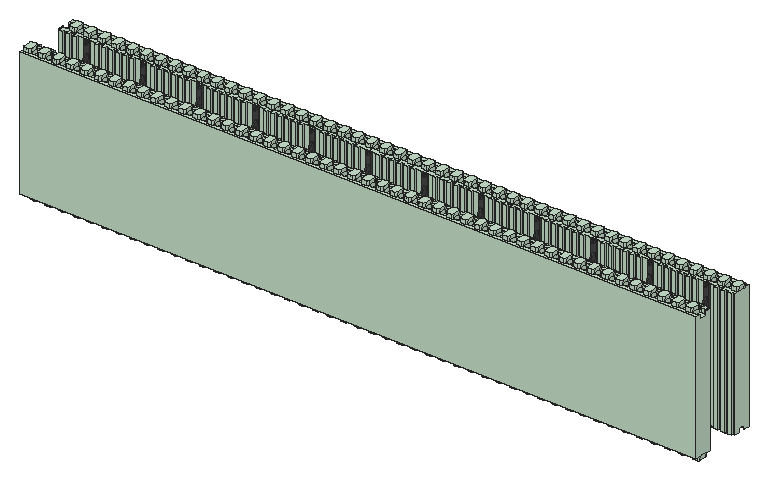
Revit family (continued)
Nested families (in)
  nested 168: "Interlock Tooth" at (14, -1, -18.5), type "Interlock Tooth"
  nested 169: "Interlock Tooth" at (16, -1, -18.5), type "Interlock Tooth"
  nested 170: "Interlock Tooth" at (18, -1, -18.5), type "Interlock Tooth"
  nested 171: "Interlock Tooth" at (20, -1, -18.5), type "Interlock Tooth"
  nested 172: "Interlock Tooth" at (22, -1, -18.5), type "Interlock Tooth"
  nested 173: "Interlock Tooth" at (24, -1, -18.5), type "Interlock Tooth"
  nested 174: "Interlock Tooth" at (26, -1, -18.5), type "Interlock Tooth"
  nested 175: "Interlock Tooth" at (28, -1, -18.5), type "Interlock Tooth"
  nested 176: "Interlock Tooth" at (30, -1, -18.5), type "Interlock Tooth"
  nested 177: "Interlock Tooth" at (32, -1, -18.5), type "Interlock Tooth"
  nested 178: "Interlock Tooth" at (34, -1, -18.5), type "Interlock Tooth"
  nested 179: "Interlock Tooth" at (36, -1, -18.5), type "Interlock Tooth"
  nested 180: "Interlock Tooth" at (38, -1, -18.5), type "Interlock Tooth"
  nested 181: "Interlock Tooth" at (40, -1, -18.5), type "Interlock Tooth"
  nested 182: "Interlock Tooth" at (42, -1, -18.5), type "Interlock Tooth"
  nested 183: "Interlock Tooth" at (44, -1, -18.5), type "Interlock Tooth"
  nested 184: "Interlock Tooth" at (46, -1, -18.5), type "Interlock Tooth"
  nested 185: "Interlock Tooth" at (48, -1, -18.5), type "Interlock Tooth"
  nested 186: "Interlock Tooth" at (50, -1, -18.5), type "Interlock Tooth"
  nested 187: "Interlock Tooth" at (52, -1, -18.5), type "Interlock Tooth"
  nested 188: "Interlock Tooth" at (54, -1, -18.5), type "Interlock Tooth"
  nested 189: "Interlock Tooth" at (56, -1, -18.5), type "Interlock Tooth"
  nested 190: "Interlock Tooth" at (58, -1, -18.5), type "Interlock Tooth"
  nested 191: "Interlock Tooth" at (60, -1, -18.5), type "Interlock Tooth"
  nested 192: "Interlock Tooth" at (62, -1, -18.5), type "Interlock Tooth"
  nested 193: "Interlock Tooth" at (64, -1, -18.5), type "Interlock Tooth"
  nested 194: "Interlock Tooth" at (66, -1, -18.5), type "Interlock Tooth"
  nested 195: "Interlock Tooth" at (68, -1, -18.5), type "Interlock Tooth"
  nested 196: "Interlock Tooth" at (70, -1, -18.5), type "Interlock Tooth"
  nested 197: "Interlock Tooth" at (72, -1, -18.5), type "Interlock Tooth"
  nested 198: "Interlock Tooth" at (74, -1, -18.5), type "Interlock Tooth"
  nested 199: "Interlock Tooth" at (76, -1, -18.5), type "Interlock Tooth"
  nested 200: "Interlock Tooth" at (78, -1, -18.5), type "Interlock Tooth"
  nested 201: "Interlock Tooth" at (80, -1, -18.5), type "Interlock Tooth"
  nested 202: "Interlock Tooth" at (82, -1, -18.5), type "Interlock Tooth"
  nested 203: "Interlock Tooth" at (84, -1, -18.5), type "Interlock Tooth"
  nested 204: "Interlock Tooth" at (86, -1, -18.5), type "Interlock Tooth"
  nested 205: "Interlock Tooth" at (88, -1, -18.5), type "Interlock Tooth"
  nested 206: "Interlock Tooth" at (90, -1, -18.5), type "Interlock Tooth"
  nested 207: "Interlock Tooth" at (92, -1, -18.5), type "Interlock Tooth"
  nested 208: "Interlock Tooth" at (94, -1, -18.5), type "Interlock Tooth"
  nested 209: "NUDURA Logo Diamond" at (0, -4.625, 0), type "NUDURA Logo Diamond"
  nested 210: "NUDURA Logo Diamond" at (24, -4.625, 0), type "NUDURA Logo Diamond"
  nested 211: "NUDURA Logo Diamond" at (48, -4.625, 0), type "NUDURA Logo Diamond"
  nested 212: "NUDURA Logo Diamond" at (72, -4.625, 0), type "NUDURA Logo Diamond"
  nested 213: "NUDURA Logo Diamond" at (95.99744, 4.625, 0) x (-1, 0, 0) z (0, 0, 1), type "NUDURA Logo Diamond"
  nested 214: "NUDURA Logo Diamond" at (71.99744, 4.625, 0) x (-1, 0, 0) z (0, 0, 1), type "NUDURA Logo Diamond"
  nested 215: "NUDURA Logo Diamond" at (47.99744, 4.625, 0) x (-1, 0, 0) z (0, 0, 1), type "NUDURA Logo Diamond"
  nested 216: "NUDURA Logo Diamond" at (23.99744, 4.625, 0) x (-1, 0, 0) z (0, 0, 1), type "NUDURA Logo Diamond"
  nested 217: "4-inch Web" at (4, 0, 0), type "4-inch Web"
  nested 218: "4-inch Web" at (12, 0, 0), type "4-inch Web"
  nested 219: "4-inch Web" at (20, 0, 0), type "4-inch Web"
  nested 220: "4-inch Web" at (28, 0, 0), type "4-inch Web"
  nested 221: "4-inch Web" at (36, 0, 0), type "4-inch Web"
  nested 222: "4-inch Web" at (44, 0, 0), type "4-inch Web"
  nested 223: "4-inch Web" at (52, 0, 0), type "4-inch Web"
  nested 224: "4-inch Web" at (60, 0, 0), type "4-inch Web"
  nested 225: "4-inch Web" at (68, 0, 0), type "4-inch Web"
  nested 226: "4-inch Web" at (76, 0, 0), type "4-inch Web"
  nested 227: "4-inch Web" at (84, 0, 0), type "4-inch Web"
  nested 228: "4-inch Web" at (92, 0, 0), type "4-inch Web"
Definition of nested family "Interlock Tooth"
  Reference planes (in)
    plane 1 "Center (Front/Back)": y = 0
    plane 2: z = 0
    plane 3 "Center (Left/Right)": x = 0
    plane 4: z = 18
    plane 5: z = 18.5
    plane 6: z = -0.5
  Forms (in)
    Extrusion 1, solid, material "NUDURA Expanded Polystyrene Foam Insulation"
      sketch origin (0, -8.875, 0) x (1, 0, 0) y (0, 1, 0)
        loop
          arc (0, 3.97692) -> (0.04785, 3.82983) -> (0.17308, 3.73905) r 0.25
          arc (0.17308, 3.73905) -> (0.5, 3.6875) -> (0.82692, 3.73905) r 1.0625
          arc (0.82692, 3.73905) -> (0.95215, 3.82983) -> (1, 3.97692) r 0.25
          line (1, 3.97692) -> (1, 4.89808)
          arc (1, 4.89808) -> (0.95215, 5.04517) -> (0.82692, 5.13595) r 0.25
          arc (0.82692, 5.13595) -> (0.5, 5.1875) -> (0.17308, 5.13595) r 1.0625
          arc (0.17308, 5.13595) -> (0.04785, 5.04517) -> (0, 4.89808) r 0.25
          line (0, 4.89808) -> (0, 3.97692)
      from 18 to 18.5
  Dimensions and locks (in)
    locked: plane 4 to level at 18
    locked: plane 4 to plane 5 at 0.5
    locked: plane 6 to level at 0.5
Definition of nested family "4-inch Web"
  Reference planes (in)
    plane 1 "Center (Front/Back)": y = 0
    plane 2: z = 0
    plane 3 "Center (Left/Right)": x = 0
  Forms (in)
    Extrusion 1, solid, material "Polypropylene"
      sketch origin (0, -2, -0.5) x (0, 1, 0) y (0, 0, 1)
        loop
          arc (4.185, 0.98503) -> (4.17874, 0.9705) -> (4.16389, 0.96506) r 0.02
          line (4.16389, 0.96506) -> (4.00611, 0.97383)
          arc (4.00611, 0.97383) -> (3.99126, 0.96839) -> (3.985, 0.95386) r 0.02
          line (3.985, 0.95386) -> (3.985, 0.88265)
          arc (3.985, 0.88265) -> (3.98914, 0.86744) -> (4.00043, 0.85643) r 0.03
          line (4.00043, 0.85643) -> (4.16957, 0.76246)
          arc (4.16957, 0.76246) -> (4.18086, 0.75145) -> (4.185, 0.73624) r 0.03
          line (4.185, 0.73624) -> (4.185, 0.98503)
        loop
          line (-0.185, 0.98503) -> (-0.185, 0.73624)
          arc (-0.185, 0.73624) -> (-0.18086, 0.75145) -> (-0.16957, 0.76246) r 0.03
          line (-0.16957, 0.76246) -> (-0.00043, 0.85643)
          arc (-0.00043, 0.85643) -> (0.01086, 0.86744) -> (0.015, 0.88265) r 0.03
          line (0.015, 0.88265) -> (0.015, 0.95386)
          arc (0.015, 0.95386) -> (0.00874, 0.96839) -> (-0.00611, 0.97383) r 0.02
          line (-0.00611, 0.97383) -> (-0.16389, 0.96506)
          arc (-0.16389, 0.96506) -> (-0.17874, 0.9705) -> (-0.185, 0.98503) r 0.02
        loop
          line (3.995, 15.39617) -> (3.995, 15.89614) -> (3.89, 15.89614) -> (3.89, 15.96617) -> (4.15332, 15.96617)
          arc (4.15332, 15.96617) -> (4.16974, 15.96398) -> (4.185, 15.95755) r 0.0625
          line (4.185, 15.95755) -> (4.185, 16.73277)
          arc (4.185, 16.73277) -> (4.07682, 16.48647) -> (3.85666, 16.33188) r 0.5
          arc (3.85666, 16.33188) -> (3.73587, 16.24051) -> (3.69, 16.09617) r 0.25
          line (3.69, 16.09617) -> (3.69, 16.02867)
          arc (3.69, 16.02867) -> (3.7083, 15.98448) -> (3.7525, 15.96617) r 0.0625
          line (3.7525, 15.96617) -> (3.8, 15.96617) -> (3.8, 15.89614) -> (3.69446, 15.89614)
          arc (3.69446, 15.89614) -> (3.49353, 15.90523) -> (3.29847, 15.95435) r 1
          arc (3.29847, 15.95435) -> (3.20889, 15.93583) -> (3.18179, 15.84845) r 0.09
          arc (3.18179, 15.84845) -> (2.74446, 15.50749) -> (2.77171, 16.06136) r 0.305
          arc (2.77171, 16.06136) -> (2.89426, 16.34734) -> (2.60829, 16.46988) r 0.22
          arc (2.60829, 16.46988) -> (2.36995, 16.31647) -> (2.20617, 16.08513) r 0.745
          arc (2.20617, 16.08513) -> (2.12274, 15.98757) -> (2, 15.94992) r 0.23
          arc (2, 15.94992) -> (1.87726, 15.98757) -> (1.79383, 16.08513) r 0.23
          arc (1.79383, 16.08513) -> (1.63005, 16.31647) -> (1.39171, 16.46988) r 0.745
          arc (1.39171, 16.46988) -> (1.10574, 16.34734) -> (1.22829, 16.06136) r 0.22
          arc (1.22829, 16.06136) -> (1.25554, 15.50749) -> (0.81821, 15.84845) r 0.305
          arc (0.81821, 15.84845) -> (0.79111, 15.93583) -> (0.70153, 15.95435) r 0.09
          arc (0.70153, 15.95435) -> (0.50647, 15.90523) -> (0.30554, 15.89614) r 1
          line (0.30554, 15.89614) -> (0.2, 15.89614) -> (0.2, 15.96617) -> (0.2475, 15.96617)
          arc (0.2475, 15.96617) -> (0.2917, 15.98448) -> (0.31, 16.02867) r 0.0625
          line (0.31, 16.02867) -> (0.31, 16.09617)
          arc (0.31, 16.09617) -> (0.26413, 16.24051) -> (0.14334, 16.33188) r 0.25
          arc (0.14334, 16.33188) -> (-0.07682, 16.48647) -> (-0.185, 16.73277) r 0.5
          line (-0.185, 16.73277) -> (-0.185, 15.95755)
          arc (-0.185, 15.95755) -> (-0.16974, 15.96398) -> (-0.15332, 15.96617) r 0.0625
          line (-0.15332, 15.96617) -> (0.11, 15.96617) -> (0.11, 15.89614) -> (0.005, 15.89614) -> (0.005, 15.39617) -> (0.11, 15.39617) -> (0.11, 15.32617) -> (-0.1225, 15.32617)
          arc (-0.1225, 15.32617) -> (-0.16669, 15.34448) -> (-0.185, 15.38867) r 0.0625
          line (-0.185, 15.38867) -> (-0.185, 14.60367)
          arc (-0.185, 14.60367) -> (-0.16669, 14.64787) -> (-0.1225, 14.66617) r 0.0625
          line (-0.1225, 14.66617) -> (0.11, 14.66617) -> (0.11, 14.59617) -> (0.005, 14.59617) -> (0.005, 14.09617) -> (0.11, 14.09617) -> (0.11, 14.02617) -> (-0.1225, 14.02617)
          arc (-0.1225, 14.02617) -> (-0.16669, 14.04448) -> (-0.185, 14.08867) r 0.0625
          line (-0.185, 14.08867) -> (-0.185, 13.30367)
          arc (-0.185, 13.30367) -> (-0.16669, 13.34787) -> (-0.1225, 13.36617) r 0.0625
          line (-0.1225, 13.36617) -> (0.11, 13.36617) -> (0.11, 13.29617) -> (0.005, 13.29617) -> (0.005, 12.7962) -> (0.11, 12.7962) -> (0.11, 12.72617) -> (-0.1225, 12.72617)
          arc (-0.1225, 12.72617) -> (-0.16669, 12.74448) -> (-0.185, 12.78867) r 0.0625
          line (-0.185, 12.78867) -> (-0.185, 12.18907) -> (-0.09, 12.18907)
          arc (-0.09, 12.18907) -> (0.01399, 12.29203) -> (0.14334, 12.36047) r 0.5
          arc (0.14334, 12.36047) -> (0.26413, 12.45184) -> (0.31, 12.59617) r 0.25
          line (0.31, 12.59617) -> (0.31, 12.66367)
          arc (0.31, 12.66367) -> (0.2917, 12.70787) -> (0.2475, 12.72617) r 0.0625
          line (0.2475, 12.72617) -> (0.2, 12.72617) -> (0.2, 12.7962) -> (0.30554, 12.7962)
          arc (0.30554, 12.7962) -> (0.50647, 12.78711) -> (0.70153, 12.73799) r 1
          arc (0.70153, 12.73799) -> (0.79111, 12.75651) -> (0.81821, 12.84389) r 0.09
          arc (0.81821, 12.84389) -> (1.25554, 13.18486) -> (1.22829, 12.63098) r 0.305
          arc (1.22829, 12.63098) -> (1.10574, 12.34501) -> (1.39171, 12.22246) r 0.22
          arc (1.39171, 12.22246) -> (1.63005, 12.37588) -> (1.79383, 12.60721) r 0.745
          arc (1.79383, 12.60721) -> (1.87726, 12.70478) -> (2, 12.74242) r 0.23
          arc (2, 12.74242) -> (2.12274, 12.70478) -> (2.20617, 12.60721) r 0.23
          arc (2.20617, 12.60721) -> (2.36995, 12.37588) -> (2.60829, 12.22246) r 0.745
          arc (2.60829, 12.22246) -> (2.89426, 12.34501) -> (2.77171, 12.63098) r 0.22
          arc (2.77171, 12.63098) -> (2.74446, 13.18486) -> (3.18179, 12.84389) r 0.305
          arc (3.18179, 12.84389) -> (3.20889, 12.75651) -> (3.29847, 12.73799) r 0.09
          arc (3.29847, 12.73799) -> (3.49353, 12.78711) -> (3.69446, 12.7962) r 1
          line (3.69446, 12.7962) -> (3.8, 12.7962) -> (3.8, 12.72617) -> (3.7525, 12.72617)
          arc (3.7525, 12.72617) -> (3.7083, 12.70787) -> (3.69, 12.66367) r 0.0625
          line (3.69, 12.66367) -> (3.69, 12.59617)
          arc (3.69, 12.59617) -> (3.73587, 12.45184) -> (3.85666, 12.36047) r 0.25
          arc (3.85666, 12.36047) -> (3.98601, 12.29203) -> (4.09, 12.18907) r 0.5
          line (4.09, 12.18907) -> (4.185, 12.18907) -> (4.185, 12.78867)
          arc (4.185, 12.78867) -> (4.16669, 12.74448) -> (4.1225, 12.72617) r 0.0625
          line (4.1225, 12.72617) -> (3.89, 12.72617) -> (3.89, 12.7962) -> (3.995, 12.7962) -> (3.995, 13.29617) -> (3.89, 13.29617) -> (3.89, 13.36617) -> (4.1225, 13.36617)
          arc (4.1225, 13.36617) -> (4.16669, 13.34787) -> (4.185, 13.30367) r 0.0625
          line (4.185, 13.30367) -> (4.185, 14.08867)
          arc (4.185, 14.08867) -> (4.16669, 14.04448) -> (4.1225, 14.02617) r 0.0625
          line (4.1225, 14.02617) -> (3.89, 14.02617) -> (3.89, 14.09617) -> (3.995, 14.09617) -> (3.995, 14.59617) -> (3.89, 14.59617) -> (3.89, 14.66617) -> (4.1225, 14.66617)
          arc (4.1225, 14.66617) -> (4.16669, 14.64787) -> (4.185, 14.60367) r 0.0625
          line (4.185, 14.60367) -> (4.185, 15.38867)
          arc (4.185, 15.38867) -> (4.16669, 15.34448) -> (4.1225, 15.32617) r 0.0625
          line (4.1225, 15.32617) -> (3.89, 15.32617) -> (3.89, 15.39617) -> (3.995, 15.39617)
        loop
          line (3.695, 14.59617) -> (3.8, 14.59617) -> (3.8, 14.66617) -> (3.7525, 14.66617)
          arc (3.7525, 14.66617) -> (3.7083, 14.68448) -> (3.69, 14.72867) r 0.0625
          line (3.69, 14.72867) -> (3.69, 15.26367)
          arc (3.69, 15.26367) -> (3.7083, 15.30787) -> (3.7525, 15.32617) r 0.0625
          line (3.7525, 15.32617) -> (3.8, 15.32617) -> (3.8, 15.39617) -> (3.695, 15.39617)
          arc (3.695, 15.39617) -> (3.23819, 15.2911) -> (2.8018, 15.12004) r 3.1806
          line (2.8018, 15.12004) -> (2.30584, 14.87186)
          arc (2.30584, 14.87186) -> (2.18493, 14.61329) -> (2.40877, 14.43617) r 0.23
          line (2.40877, 14.43617) -> (2.98527, 14.43617)
          arc (2.98527, 14.43617) -> (3.29477, 14.47236) -> (3.59139, 14.56784) r 1.6
          arc (3.59139, 14.56784) -> (3.64143, 14.58847) -> (3.695, 14.59617) r 0.21872
        loop
          line (3.695, 13.29617) -> (3.8, 13.29617) -> (3.8, 13.36617) -> (3.7525, 13.36617)
          arc (3.7525, 13.36617) -> (3.7083, 13.38448) -> (3.69, 13.42867) r 0.0625
          line (3.69, 13.42867) -> (3.69, 13.96367)
          arc (3.69, 13.96367) -> (3.7083, 14.00787) -> (3.7525, 14.02617) r 0.0625
          line (3.7525, 14.02617) -> (3.8, 14.02617) -> (3.8, 14.09617) -> (3.695, 14.09617)
          arc (3.695, 14.09617) -> (3.64143, 14.10388) -> (3.59139, 14.1245) r 0.21872
          arc (3.59139, 14.1245) -> (3.29477, 14.21999) -> (2.98527, 14.25617) r 1.6
          line (2.98527, 14.25617) -> (2.40877, 14.25617)
          arc (2.40877, 14.25617) -> (2.18493, 14.07905) -> (2.30584, 13.82049) r 0.23
          line (2.30584, 13.82049) -> (2.8018, 13.57231)
          arc (2.8018, 13.57231) -> (3.23819, 13.40124) -> (3.695, 13.29617) r 3.1806
        loop
          line (4.185, 18.01497) -> (4.185, 18.26376)
          arc (4.185, 18.26376) -> (4.18086, 18.24855) -> (4.16957, 18.23754) r 0.03
          line (4.16957, 18.23754) -> (4.00043, 18.14357)
          arc (4.00043, 18.14357) -> (3.98914, 18.13256) -> (3.985, 18.11735) r 0.03
          line (3.985, 18.11735) -> (3.985, 18.04614)
          arc (3.985, 18.04614) -> (3.99126, 18.03161) -> (4.00611, 18.02617) r 0.02
          line (4.00611, 18.02617) -> (4.16389, 18.03494)
          arc (4.16389, 18.03494) -> (4.17874, 18.0295) -> (4.185, 18.01497) r 0.02
        loop
          arc (-0.185, 18.01497) -> (-0.17874, 18.0295) -> (-0.16389, 18.03494) r 0.02
          line (-0.16389, 18.03494) -> (-0.00611, 18.02617)
          arc (-0.00611, 18.02617) -> (0.00874, 18.03161) -> (0.015, 18.04614) r 0.02
          line (0.015, 18.04614) -> (0.015, 18.11735)
          arc (0.015, 18.11735) -> (0.01086, 18.13256) -> (-0.00043, 18.14357) r 0.03
          line (-0.00043, 18.14357) -> (-0.16957, 18.23754)
          arc (-0.16957, 18.23754) -> (-0.18086, 18.24855) -> (-0.185, 18.26376) r 0.03
          line (-0.185, 18.26376) -> (-0.185, 18.01497)
        loop
          arc (0.305, 14.59617) -> (0.35857, 14.58847) -> (0.40861, 14.56784) r 0.21872
          arc (0.40861, 14.56784) -> (0.70523, 14.47236) -> (1.01473, 14.43617) r 1.6
          line (1.01473, 14.43617) -> (1.59123, 14.43617)
          arc (1.59123, 14.43617) -> (1.81507, 14.61329) -> (1.69416, 14.87186) r 0.23
          line (1.69416, 14.87186) -> (1.1982, 15.12004)
          arc (1.1982, 15.12004) -> (0.76181, 15.2911) -> (0.305, 15.39617) r 3.1806
          line (0.305, 15.39617) -> (0.2, 15.39617) -> (0.2, 15.32617) -> (0.2475, 15.32617)
          arc (0.2475, 15.32617) -> (0.2917, 15.30787) -> (0.31, 15.26367) r 0.0625
          line (0.31, 15.26367) -> (0.31, 14.72867)
          arc (0.31, 14.72867) -> (0.2917, 14.68448) -> (0.2475, 14.66617) r 0.0625
          line (0.2475, 14.66617) -> (0.2, 14.66617) -> (0.2, 14.59617) -> (0.305, 14.59617)
        loop
          arc (0.305, 13.29617) -> (0.76181, 13.40124) -> (1.1982, 13.57231) r 3.1806
          line (1.1982, 13.57231) -> (1.69416, 13.82049)
          arc (1.69416, 13.82049) -> (1.81507, 14.07905) -> (1.59123, 14.25617) r 0.23
          line (1.59123, 14.25617) -> (1.01473, 14.25617)
          arc (1.01473, 14.25617) -> (0.70523, 14.21999) -> (0.40861, 14.1245) r 1.6
          arc (0.40861, 14.1245) -> (0.35857, 14.10388) -> (0.305, 14.09617) r 0.21872
          line (0.305, 14.09617) -> (0.2, 14.09617) -> (0.2, 14.02617) -> (0.2475, 14.02617)
          arc (0.2475, 14.02617) -> (0.2917, 14.00787) -> (0.31, 13.96367) r 0.0625
          line (0.31, 13.96367) -> (0.31, 13.42867)
          arc (0.31, 13.42867) -> (0.2917, 13.38448) -> (0.2475, 13.36617) r 0.0625
          line (0.2475, 13.36617) -> (0.2, 13.36617) -> (0.2, 13.29617) -> (0.305, 13.29617)
        loop
          line (3.995, 3.60383) -> (3.89, 3.60383) -> (3.89, 3.67383) -> (4.1225, 3.67383)
          arc (4.1225, 3.67383) -> (4.16669, 3.65552) -> (4.185, 3.61133) r 0.0625
          line (4.185, 3.61133) -> (4.185, 4.39633)
          arc (4.185, 4.39633) -> (4.16669, 4.35213) -> (4.1225, 4.33383) r 0.0625
          line (4.1225, 4.33383) -> (3.89, 4.33383) -> (3.89, 4.40383) -> (3.995, 4.40383) -> (3.995, 4.90383) -> (3.89, 4.90383) -> (3.89, 4.97383) -> (4.1225, 4.97383)
          arc (4.1225, 4.97383) -> (4.16669, 4.95552) -> (4.185, 4.91133) r 0.0625
          line (4.185, 4.91133) -> (4.185, 5.69633)
          arc (4.185, 5.69633) -> (4.16669, 5.65213) -> (4.1225, 5.63383) r 0.0625
          line (4.1225, 5.63383) -> (3.89, 5.63383) -> (3.89, 5.70383) -> (3.995, 5.70383) -> (3.995, 6.2038) -> (3.89, 6.2038) -> (3.89, 6.27383) -> (4.1225, 6.27383)
          arc (4.1225, 6.27383) -> (4.16669, 6.25552) -> (4.185, 6.21133) r 0.0625
          line (4.185, 6.21133) -> (4.185, 6.81093) -> (4.09, 6.81093)
          arc (4.09, 6.81093) -> (3.98601, 6.70797) -> (3.85666, 6.63953) r 0.5
          arc (3.85666, 6.63953) -> (3.73587, 6.54816) -> (3.69, 6.40383) r 0.25
          line (3.69, 6.40383) -> (3.69, 6.33633)
          arc (3.69, 6.33633) -> (3.7083, 6.29213) -> (3.7525, 6.27383) r 0.0625
          line (3.7525, 6.27383) -> (3.8, 6.27383) -> (3.8, 6.2038) -> (3.69446, 6.2038)
          arc (3.69446, 6.2038) -> (3.49353, 6.21289) -> (3.29847, 6.26201) r 1
          arc (3.29847, 6.26201) -> (3.20889, 6.24349) -> (3.18179, 6.15611) r 0.09
          arc (3.18179, 6.15611) -> (2.74446, 5.81514) -> (2.77171, 6.36902) r 0.305
          arc (2.77171, 6.36902) -> (2.89426, 6.65499) -> (2.60829, 6.77754) r 0.22
          arc (2.60829, 6.77754) -> (2.36995, 6.62412) -> (2.20617, 6.39279) r 0.745
          arc (2.20617, 6.39279) -> (2.12274, 6.29522) -> (2, 6.25758) r 0.23
          arc (2, 6.25758) -> (1.87726, 6.29522) -> (1.79383, 6.39279) r 0.23
          arc (1.79383, 6.39279) -> (1.63005, 6.62412) -> (1.39171, 6.77754) r 0.745
          arc (1.39171, 6.77754) -> (1.10574, 6.65499) -> (1.22829, 6.36902) r 0.22
          arc (1.22829, 6.36902) -> (1.25554, 5.81514) -> (0.81821, 6.15611) r 0.305
          arc (0.81821, 6.15611) -> (0.79111, 6.24349) -> (0.70153, 6.26201) r 0.09
          arc (0.70153, 6.26201) -> (0.50647, 6.21289) -> (0.30554, 6.2038) r 1
          line (0.30554, 6.2038) -> (0.2, 6.2038) -> (0.2, 6.27383) -> (0.2475, 6.27383)
          arc (0.2475, 6.27383) -> (0.2917, 6.29213) -> (0.31, 6.33633) r 0.0625
          line (0.31, 6.33633) -> (0.31, 6.40383)
          arc (0.31, 6.40383) -> (0.26413, 6.54816) -> (0.14334, 6.63953) r 0.25
          arc (0.14334, 6.63953) -> (0.01399, 6.70797) -> (-0.09, 6.81093) r 0.5
          line (-0.09, 6.81093) -> (-0.185, 6.81093) -> (-0.185, 6.21133)
          arc (-0.185, 6.21133) -> (-0.16669, 6.25552) -> (-0.1225, 6.27383) r 0.0625
          line (-0.1225, 6.27383) -> (0.11, 6.27383) -> (0.11, 6.2038) -> (0.005, 6.2038) -> (0.005, 5.70383) -> (0.11, 5.70383) -> (0.11, 5.63383) -> (-0.1225, 5.63383)
          arc (-0.1225, 5.63383) -> (-0.16669, 5.65213) -> (-0.185, 5.69633) r 0.0625
          line (-0.185, 5.69633) -> (-0.185, 4.91133)
          arc (-0.185, 4.91133) -> (-0.16669, 4.95552) -> (-0.1225, 4.97383) r 0.0625
          line (-0.1225, 4.97383) -> (0.11, 4.97383) -> (0.11, 4.90383) -> (0.005, 4.90383) -> (0.005, 4.40383) -> (0.11, 4.40383) -> (0.11, 4.33383) -> (-0.1225, 4.33383)
          arc (-0.1225, 4.33383) -> (-0.16669, 4.35213) -> (-0.185, 4.39633) r 0.0625
          line (-0.185, 4.39633) -> (-0.185, 3.61133)
          arc (-0.185, 3.61133) -> (-0.16669, 3.65552) -> (-0.1225, 3.67383) r 0.0625
          line (-0.1225, 3.67383) -> (0.11, 3.67383) -> (0.11, 3.60383) -> (0.005, 3.60383) -> (0.005, 3.10386) -> (0.11, 3.10386) -> (0.11, 3.03383) -> (-0.15332, 3.03383)
          arc (-0.15332, 3.03383) -> (-0.16974, 3.03602) -> (-0.185, 3.04245) r 0.0625
          line (-0.185, 3.04245) -> (-0.185, 2.26723)
          arc (-0.185, 2.26723) -> (-0.07682, 2.51353) -> (0.14334, 2.66812) r 0.5
          arc (0.14334, 2.66812) -> (0.26413, 2.75949) -> (0.31, 2.90383) r 0.25
          line (0.31, 2.90383) -> (0.31, 2.97133)
          arc (0.31, 2.97133) -> (0.2917, 3.01552) -> (0.2475, 3.03383) r 0.0625
          line (0.2475, 3.03383) -> (0.2, 3.03383) -> (0.2, 3.10386) -> (0.30554, 3.10386)
          arc (0.30554, 3.10386) -> (0.50647, 3.09477) -> (0.70153, 3.04565) r 1
          arc (0.70153, 3.04565) -> (0.79111, 3.06417) -> (0.81821, 3.15155) r 0.09
          arc (0.81821, 3.15155) -> (1.25554, 3.49251) -> (1.22829, 2.93864) r 0.305
          arc (1.22829, 2.93864) -> (1.10574, 2.65266) -> (1.39171, 2.53012) r 0.22
          arc (1.39171, 2.53012) -> (1.63005, 2.68353) -> (1.79383, 2.91487) r 0.745
          arc (1.79383, 2.91487) -> (1.87726, 3.01243) -> (2, 3.05008) r 0.23
          arc (2, 3.05008) -> (2.12274, 3.01243) -> (2.20617, 2.91487) r 0.23
          arc (2.20617, 2.91487) -> (2.36995, 2.68353) -> (2.60829, 2.53012) r 0.745
          arc (2.60829, 2.53012) -> (2.89426, 2.65266) -> (2.77171, 2.93864) r 0.22
          arc (2.77171, 2.93864) -> (2.74446, 3.49251) -> (3.18179, 3.15155) r 0.305
          arc (3.18179, 3.15155) -> (3.20889, 3.06417) -> (3.29847, 3.04565) r 0.09
          arc (3.29847, 3.04565) -> (3.49353, 3.09477) -> (3.69446, 3.10386) r 1
          line (3.69446, 3.10386) -> (3.8, 3.10386) -> (3.8, 3.03383) -> (3.7525, 3.03383)
          arc (3.7525, 3.03383) -> (3.7083, 3.01552) -> (3.69, 2.97133) r 0.0625
          line (3.69, 2.97133) -> (3.69, 2.90383)
          arc (3.69, 2.90383) -> (3.73587, 2.75949) -> (3.85666, 2.66812) r 0.25
          arc (3.85666, 2.66812) -> (4.07682, 2.51353) -> (4.185, 2.26723) r 0.5
          line (4.185, 2.26723) -> (4.185, 3.04245)
          arc (4.185, 3.04245) -> (4.16974, 3.03602) -> (4.15332, 3.03383) r 0.0625
          line (4.15332, 3.03383) -> (3.89, 3.03383) -> (3.89, 3.10386) -> (3.995, 3.10386) -> (3.995, 3.60383)
        loop
          arc (3.695, 4.40383) -> (3.64143, 4.41153) -> (3.59139, 4.43216) r 0.21872
          arc (3.59139, 4.43216) -> (3.29477, 4.52764) -> (2.98527, 4.56383) r 1.6
          line (2.98527, 4.56383) -> (2.40877, 4.56383)
          arc (2.40877, 4.56383) -> (2.18493, 4.38671) -> (2.30584, 4.12814) r 0.23
          line (2.30584, 4.12814) -> (2.8018, 3.87996)
          arc (2.8018, 3.87996) -> (3.23819, 3.7089) -> (3.695, 3.60383) r 3.1806
          line (3.695, 3.60383) -> (3.8, 3.60383) -> (3.8, 3.67383) -> (3.7525, 3.67383)
          arc (3.7525, 3.67383) -> (3.7083, 3.69213) -> (3.69, 3.73633) r 0.0625
          line (3.69, 3.73633) -> (3.69, 4.27133)
          arc (3.69, 4.27133) -> (3.7083, 4.31552) -> (3.7525, 4.33383) r 0.0625
          line (3.7525, 4.33383) -> (3.8, 4.33383) -> (3.8, 4.40383) -> (3.695, 4.40383)
        loop
          arc (3.695, 5.70383) -> (3.23819, 5.59876) -> (2.8018, 5.42769) r 3.1806
          line (2.8018, 5.42769) -> (2.30584, 5.17951)
          arc (2.30584, 5.17951) -> (2.18493, 4.92095) -> (2.40877, 4.74383) r 0.23
          line (2.40877, 4.74383) -> (2.98527, 4.74383)
          arc (2.98527, 4.74383) -> (3.29477, 4.78001) -> (3.59139, 4.8755) r 1.6
          arc (3.59139, 4.8755) -> (3.64143, 4.89612) -> (3.695, 4.90383) r 0.21872
          line (3.695, 4.90383) -> (3.8, 4.90383) -> (3.8, 4.97383) -> (3.7525, 4.97383)
          arc (3.7525, 4.97383) -> (3.7083, 4.99213) -> (3.69, 5.03633) r 0.0625
          line (3.69, 5.03633) -> (3.69, 5.57133)
          arc (3.69, 5.57133) -> (3.7083, 5.61552) -> (3.7525, 5.63383) r 0.0625
          line (3.7525, 5.63383) -> (3.8, 5.63383) -> (3.8, 5.70383) -> (3.695, 5.70383)
        loop
          line (0.305, 4.40383) -> (0.2, 4.40383) -> (0.2, 4.33383) -> (0.2475, 4.33383)
          arc (0.2475, 4.33383) -> (0.2917, 4.31552) -> (0.31, 4.27133) r 0.0625
          line (0.31, 4.27133) -> (0.31, 3.73633)
          arc (0.31, 3.73633) -> (0.2917, 3.69213) -> (0.2475, 3.67383) r 0.0625
          line (0.2475, 3.67383) -> (0.2, 3.67383) -> (0.2, 3.60383) -> (0.305, 3.60383)
          arc (0.305, 3.60383) -> (0.76181, 3.7089) -> (1.1982, 3.87996) r 3.1806
          line (1.1982, 3.87996) -> (1.69416, 4.12814)
          arc (1.69416, 4.12814) -> (1.81507, 4.38671) -> (1.59123, 4.56383) r 0.23
          line (1.59123, 4.56383) -> (1.01473, 4.56383)
          arc (1.01473, 4.56383) -> (0.70523, 4.52764) -> (0.40861, 4.43216) r 1.6
          arc (0.40861, 4.43216) -> (0.35857, 4.41153) -> (0.305, 4.40383) r 0.21872
        loop
          line (0.305, 5.70383) -> (0.2, 5.70383) -> (0.2, 5.63383) -> (0.2475, 5.63383)
          arc (0.2475, 5.63383) -> (0.2917, 5.61552) -> (0.31, 5.57133) r 0.0625
          line (0.31, 5.57133) -> (0.31, 5.03633)
          arc (0.31, 5.03633) -> (0.2917, 4.99213) -> (0.2475, 4.97383) r 0.0625
          line (0.2475, 4.97383) -> (0.2, 4.97383) -> (0.2, 4.90383) -> (0.305, 4.90383)
          arc (0.305, 4.90383) -> (0.35857, 4.89612) -> (0.40861, 4.8755) r 0.21872
          arc (0.40861, 4.8755) -> (0.70523, 4.78001) -> (1.01473, 4.74383) r 1.6
          line (1.01473, 4.74383) -> (1.59123, 4.74383)
          arc (1.59123, 4.74383) -> (1.81507, 4.92095) -> (1.69416, 5.17951) r 0.23
          line (1.69416, 5.17951) -> (1.1982, 5.42769)
          arc (1.1982, 5.42769) -> (0.76181, 5.59876) -> (0.305, 5.70383) r 3.1806
      from -0.125 to 0.125
    Extrusion 2, solid, material "Polypropylene"
      sketch origin (0, 0, 0) x (0, 1, 0) y (0, 0, 1)
        loop
          line (2.185, 17.8125) -> (2.185, 0.1875)
          arc (2.185, 0.1875) -> (2.2042, 0.14243) -> (2.25, 0.12505) r 0.0625
          arc (2.25, 0.12505) -> (2.2958, 0.14243) -> (2.315, 0.1875) r 0.0625
          line (2.315, 0.1875) -> (2.315, 17.8125)
          arc (2.315, 17.8125) -> (2.2958, 17.85757) -> (2.25, 17.87495) r 0.0625
          arc (2.25, 17.87495) -> (2.2042, 17.85757) -> (2.185, 17.8125) r 0.0625
        loop
          arc (-2.185, 17.8125) -> (-2.2042, 17.85757) -> (-2.25, 17.87495) r 0.0625
          arc (-2.25, 17.87495) -> (-2.2958, 17.85757) -> (-2.315, 17.8125) r 0.0625
          line (-2.315, 17.8125) -> (-2.315, 0.1875)
          arc (-2.315, 0.1875) -> (-2.2958, 0.14243) -> (-2.25, 0.12505) r 0.0625
          arc (-2.25, 0.12505) -> (-2.2042, 0.14243) -> (-2.185, 0.1875) r 0.0625
          line (-2.185, 0.1875) -> (-2.185, 17.8125)
      from -0.36328 to 0.36328
Definition of nested family "NUDURA Diamond Pattern"
  Reference planes (in)
    plane 1 "Center (Front/Back)": y = 0
    plane 2: z = 0
    plane 3 "Center (Left/Right)": x = 0
    plane 4: z = 18
  Lines and regions (in)
    model lines
      curve 1: line (8, -5.625, 18) -> (8, -5.625, 0)
      curve 2: line (6, -5.625, 18) -> (6, -5.625, 0)
      curve 3: line (2, -5.625, 18) -> (2, -5.625, 0)
      curve 4: line (3.35367, -5.625, 16.98484) -> (3.69709, -5.625, 16.64142)
      curve 5: arc (3.35367, -5.625, 17.51517) -> (3.24384, -5.625, 17.25) -> (3.35367, -5.625, 16.98484) r 0.375
      curve 6: line (3.72867, -5.625, 17.89017) -> (3.35367, -5.625, 17.51517)
      curve 7: arc (4.259, -5.625, 17.89017) -> (3.99384, -5.625, 18) -> (3.72867, -5.625, 17.89017) r 0.375
      curve 8: line (4.634, -5.625, 17.51517) -> (4.259, -5.625, 17.89017)
      curve 9: arc (4.634, -5.625, 16.98484) -> (4.74384, -5.625, 17.25) -> (4.634, -5.625, 17.51517) r 0.375
      curve 10: line (4.29059, -5.625, 16.64142) -> (4.634, -5.625, 16.98484)
      curve 11: arc (4.17062, -5.625, 17.80178) -> (3.99384, -5.625, 17.875) -> (3.81706, -5.625, 17.80178) r 0.25
      curve 12: line (4.54562, -5.625, 17.42678) -> (4.17062, -5.625, 17.80178)
      curve 13: arc (4.54562, -5.625, 17.07322) -> (4.61884, -5.625, 17.25) -> (4.54562, -5.625, 17.42678) r 0.25
      curve 14: line (4.17062, -5.625, 16.69822) -> (4.54562, -5.625, 17.07322)
      curve 15: arc (3.81706, -5.625, 16.69822) -> (3.99384, -5.625, 16.625) -> (4.17062, -5.625, 16.69822) r 0.25
      curve 16: line (3.44206, -5.625, 17.07322) -> (3.81706, -5.625, 16.69822)
      curve 17: arc (3.44206, -5.625, 17.42678) -> (3.36884, -5.625, 17.25) -> (3.44206, -5.625, 17.07322) r 0.25
      curve 18: line (3.81706, -5.625, 17.80178) -> (3.44206, -5.625, 17.42678)
      curve 19: arc (3.69709, -5.625, 16.35858) -> (3.75567, -5.625, 16.5) -> (3.69709, -5.625, 16.64142) r 0.2
      curve 20: line (4.634, -5.625, 16.01517) -> (4.29059, -5.625, 16.35858)
      curve 21: arc (4.634, -5.625, 15.48484) -> (4.74384, -5.625, 15.75) -> (4.634, -5.625, 16.01517) r 0.375
      curve 22: line (4.29059, -5.625, 15.14142) -> (4.634, -5.625, 15.48484)
      curve 23: line (3.35367, -5.625, 15.48484) -> (3.69709, -5.625, 15.14142)
      curve 24: arc (3.35367, -5.625, 16.01517) -> (3.24384, -5.625, 15.75) -> (3.35367, -5.625, 15.48484) r 0.375
      curve 25: line (3.69709, -5.625, 16.35858) -> (3.35367, -5.625, 16.01517)
      curve 26: arc (4.17062, -5.625, 16.30178) -> (3.99384, -5.625, 16.375) -> (3.81706, -5.625, 16.30178) r 0.25
      curve 27: line (3.81706, -5.625, 16.30178) -> (3.44206, -5.625, 15.92678)
      curve 28: arc (3.44206, -5.625, 15.92678) -> (3.36884, -5.625, 15.75) -> (3.44206, -5.625, 15.57322) r 0.25
      curve 29: line (3.44206, -5.625, 15.57322) -> (3.81706, -5.625, 15.19822)
      curve 30: arc (3.81706, -5.625, 15.19822) -> (3.99384, -5.625, 15.125) -> (4.17062, -5.625, 15.19822) r 0.25
      curve 31: line (4.17062, -5.625, 15.19822) -> (4.54562, -5.625, 15.57322)
      curve 32: arc (4.54562, -5.625, 15.57322) -> (4.61884, -5.625, 15.75) -> (4.54562, -5.625, 15.92678) r 0.25
      curve 33: line (4.54562, -5.625, 15.92678) -> (4.17062, -5.625, 16.30178)
      curve 34: arc (3.69709, -5.625, 14.85858) -> (3.75567, -5.625, 15) -> (3.69709, -5.625, 15.14142) r 0.2
      curve 35: line (4.634, -5.625, 14.51517) -> (4.29059, -5.625, 14.85858)
      curve 36: arc (4.634, -5.625, 13.98484) -> (4.74384, -5.625, 14.25) -> (4.634, -5.625, 14.51517) r 0.375
      curve 37: line (4.29059, -5.625, 13.64142) -> (4.634, -5.625, 13.98484)
      curve 38: line (3.35367, -5.625, 13.98484) -> (3.69709, -5.625, 13.64142)
      curve 39: arc (3.35367, -5.625, 14.51517) -> (3.24384, -5.625, 14.25) -> (3.35367, -5.625, 13.98484) r 0.375
      curve 40: line (3.69709, -5.625, 14.85858) -> (3.35367, -5.625, 14.51517)
      curve 41: arc (4.17062, -5.625, 14.80178) -> (3.99384, -5.625, 14.875) -> (3.81706, -5.625, 14.80178) r 0.25
      curve 42: line (3.81706, -5.625, 14.80178) -> (3.44206, -5.625, 14.42678)
      curve 43: arc (3.44206, -5.625, 14.42678) -> (3.36884, -5.625, 14.25) -> (3.44206, -5.625, 14.07322) r 0.25
      curve 44: line (3.44206, -5.625, 14.07322) -> (3.81706, -5.625, 13.69822)
      curve 45: arc (3.81706, -5.625, 13.69822) -> (3.99384, -5.625, 13.625) -> (4.17062, -5.625, 13.69822) r 0.25
      curve 46: line (4.17062, -5.625, 13.69822) -> (4.54562, -5.625, 14.07322)
      curve 47: arc (4.54562, -5.625, 14.07322) -> (4.61884, -5.625, 14.25) -> (4.54562, -5.625, 14.42678) r 0.25
      curve 48: line (4.54562, -5.625, 14.42678) -> (4.17062, -5.625, 14.80178)
      curve 49: arc (3.69709, -5.625, 13.35858) -> (3.75567, -5.625, 13.5) -> (3.69709, -5.625, 13.64142) r 0.2
      curve 50: line (4.634, -5.625, 13.01517) -> (4.29059, -5.625, 13.35858)
      curve 51: arc (4.634, -5.625, 12.48484) -> (4.74384, -5.625, 12.75) -> (4.634, -5.625, 13.01517) r 0.375
      curve 52: line (4.29059, -5.625, 12.14142) -> (4.634, -5.625, 12.48484)
      curve 53: line (3.35367, -5.625, 12.48484) -> (3.69709, -5.625, 12.14142)
      curve 54: arc (3.35367, -5.625, 13.01517) -> (3.24384, -5.625, 12.75) -> (3.35367, -5.625, 12.48484) r 0.375
      curve 55: line (3.69709, -5.625, 13.35858) -> (3.35367, -5.625, 13.01517)
      curve 56: arc (4.17062, -5.625, 13.30178) -> (3.99384, -5.625, 13.375) -> (3.81706, -5.625, 13.30178) r 0.25
      curve 57: line (3.81706, -5.625, 13.30178) -> (3.44206, -5.625, 12.92678)
      curve 58: arc (3.44206, -5.625, 12.92678) -> (3.36884, -5.625, 12.75) -> (3.44206, -5.625, 12.57322) r 0.25
      curve 59: line (3.44206, -5.625, 12.57322) -> (3.81706, -5.625, 12.19822)
      curve 60: arc (3.81706, -5.625, 12.19822) -> (3.99384, -5.625, 12.125) -> (4.17062, -5.625, 12.19822) r 0.25
      curve 61: line (4.17062, -5.625, 12.19822) -> (4.54562, -5.625, 12.57322)
      curve 62: arc (4.54562, -5.625, 12.57322) -> (4.61884, -5.625, 12.75) -> (4.54562, -5.625, 12.92678) r 0.25
      curve 63: line (4.54562, -5.625, 12.92678) -> (4.17062, -5.625, 13.30178)
      curve 64: arc (3.69709, -5.625, 11.85858) -> (3.75567, -5.625, 12) -> (3.69709, -5.625, 12.14142) r 0.2
      curve 65: line (4.634, -5.625, 11.51517) -> (4.29059, -5.625, 11.85858)
      curve 66: arc (4.634, -5.625, 10.98484) -> (4.74384, -5.625, 11.25) -> (4.634, -5.625, 11.51517) r 0.375
      curve 67: line (4.29059, -5.625, 10.64142) -> (4.634, -5.625, 10.98484)
      curve 68: line (3.35367, -5.625, 10.98484) -> (3.69709, -5.625, 10.64142)
      curve 69: arc (3.35367, -5.625, 11.51517) -> (3.24384, -5.625, 11.25) -> (3.35367, -5.625, 10.98484) r 0.375
      curve 70: line (3.69709, -5.625, 11.85858) -> (3.35367, -5.625, 11.51517)
      curve 71: arc (4.17062, -5.625, 11.80178) -> (3.99384, -5.625, 11.875) -> (3.81706, -5.625, 11.80178) r 0.25
      curve 72: line (3.81706, -5.625, 11.80178) -> (3.44206, -5.625, 11.42678)
      curve 73: arc (3.44206, -5.625, 11.42678) -> (3.36884, -5.625, 11.25) -> (3.44206, -5.625, 11.07322) r 0.25
      curve 74: line (3.44206, -5.625, 11.07322) -> (3.81706, -5.625, 10.69822)
      curve 75: arc (3.81706, -5.625, 10.69822) -> (3.99384, -5.625, 10.625) -> (4.17062, -5.625, 10.69822) r 0.25
      curve 76: line (4.17062, -5.625, 10.69822) -> (4.54562, -5.625, 11.07322)
      curve 77: arc (4.54562, -5.625, 11.07322) -> (4.61884, -5.625, 11.25) -> (4.54562, -5.625, 11.42678) r 0.25
      curve 78: line (4.54562, -5.625, 11.42678) -> (4.17062, -5.625, 11.80178)
      curve 79: arc (3.69709, -5.625, 10.35858) -> (3.75567, -5.625, 10.5) -> (3.69709, -5.625, 10.64142) r 0.2
      curve 80: line (4.634, -5.625, 10.01517) -> (4.29059, -5.625, 10.35858)
      curve 81: arc (4.634, -5.625, 9.48484) -> (4.74384, -5.625, 9.75) -> (4.634, -5.625, 10.01517) r 0.375
      curve 82: line (4.29059, -5.625, 9.14142) -> (4.634, -5.625, 9.48484)
      curve 83: line (3.35367, -5.625, 9.48484) -> (3.69709, -5.625, 9.14142)
      curve 84: arc (3.35367, -5.625, 10.01517) -> (3.24384, -5.625, 9.75) -> (3.35367, -5.625, 9.48484) r 0.375
      curve 85: line (3.69709, -5.625, 10.35858) -> (3.35367, -5.625, 10.01517)
      curve 86: arc (4.17062, -5.625, 10.30178) -> (3.99384, -5.625, 10.375) -> (3.81706, -5.625, 10.30178) r 0.25
      curve 87: line (3.81706, -5.625, 10.30178) -> (3.44206, -5.625, 9.92678)
      curve 88: arc (3.44206, -5.625, 9.92678) -> (3.36884, -5.625, 9.75) -> (3.44206, -5.625, 9.57322) r 0.25
      curve 89: line (3.44206, -5.625, 9.57322) -> (3.81706, -5.625, 9.19822)
      curve 90: arc (3.81706, -5.625, 9.19822) -> (3.99384, -5.625, 9.125) -> (4.17062, -5.625, 9.19822) r 0.25
      curve 91: line (4.17062, -5.625, 9.19822) -> (4.54562, -5.625, 9.57322)
      curve 92: arc (4.54562, -5.625, 9.57322) -> (4.61884, -5.625, 9.75) -> (4.54562, -5.625, 9.92678) r 0.25
      curve 93: line (4.54562, -5.625, 9.92678) -> (4.17062, -5.625, 10.30178)
      curve 94: arc (3.69709, -5.625, 8.85858) -> (3.75567, -5.625, 9) -> (3.69709, -5.625, 9.14142) r 0.2
      curve 95: line (4.634, -5.625, 8.51517) -> (4.29059, -5.625, 8.85858)
      curve 96: arc (4.634, -5.625, 7.98484) -> (4.74384, -5.625, 8.25) -> (4.634, -5.625, 8.51517) r 0.375
      curve 97: line (4.29059, -5.625, 7.64142) -> (4.634, -5.625, 7.98484)
      curve 98: line (3.35367, -5.625, 7.98484) -> (3.69709, -5.625, 7.64142)
      curve 99: arc (3.35367, -5.625, 8.51517) -> (3.24384, -5.625, 8.25) -> (3.35367, -5.625, 7.98484) r 0.375
      curve 100: line (3.69709, -5.625, 8.85858) -> (3.35367, -5.625, 8.51517)
      curve 101: arc (4.17062, -5.625, 8.80178) -> (3.99384, -5.625, 8.875) -> (3.81706, -5.625, 8.80178) r 0.25
      curve 102: line (3.81706, -5.625, 8.80178) -> (3.44206, -5.625, 8.42678)
      curve 103: arc (3.44206, -5.625, 8.42678) -> (3.36884, -5.625, 8.25) -> (3.44206, -5.625, 8.07322) r 0.25
      curve 104: line (3.44206, -5.625, 8.07322) -> (3.81706, -5.625, 7.69822)
      curve 105: arc (3.81706, -5.625, 7.69822) -> (3.99384, -5.625, 7.625) -> (4.17062, -5.625, 7.69822) r 0.25
      curve 106: line (4.17062, -5.625, 7.69822) -> (4.54562, -5.625, 8.07322)
      curve 107: arc (4.54562, -5.625, 8.07322) -> (4.61884, -5.625, 8.25) -> (4.54562, -5.625, 8.42678) r 0.25
      curve 108: line (4.54562, -5.625, 8.42678) -> (4.17062, -5.625, 8.80178)
      curve 109: arc (3.69709, -5.625, 7.35858) -> (3.75567, -5.625, 7.5) -> (3.69709, -5.625, 7.64142) r 0.2
      curve 110: line (4.634, -5.625, 7.01517) -> (4.29059, -5.625, 7.35858)
      curve 111: arc (4.634, -5.625, 6.48484) -> (4.74384, -5.625, 6.75) -> (4.634, -5.625, 7.01517) r 0.375
      curve 112: line (4.29059, -5.625, 6.14142) -> (4.634, -5.625, 6.48484)
      curve 113: line (3.35367, -5.625, 6.48484) -> (3.69709, -5.625, 6.14142)
      curve 114: arc (3.35367, -5.625, 7.01517) -> (3.24384, -5.625, 6.75) -> (3.35367, -5.625, 6.48484) r 0.375
      curve 115: line (3.69709, -5.625, 7.35858) -> (3.35367, -5.625, 7.01517)
      curve 116: arc (4.17062, -5.625, 7.30178) -> (3.99384, -5.625, 7.375) -> (3.81706, -5.625, 7.30178) r 0.25
      curve 117: line (3.81706, -5.625, 7.30178) -> (3.44206, -5.625, 6.92678)
      curve 118: arc (3.44206, -5.625, 6.92678) -> (3.36884, -5.625, 6.75) -> (3.44206, -5.625, 6.57322) r 0.25
      curve 119: line (3.44206, -5.625, 6.57322) -> (3.81706, -5.625, 6.19822)
      curve 120: arc (3.81706, -5.625, 6.19822) -> (3.99384, -5.625, 6.125) -> (4.17062, -5.625, 6.19822) r 0.25
      curve 121: line (4.17062, -5.625, 6.19822) -> (4.54562, -5.625, 6.57322)
      curve 122: arc (4.54562, -5.625, 6.57322) -> (4.61884, -5.625, 6.75) -> (4.54562, -5.625, 6.92678) r 0.25
      curve 123: line (4.54562, -5.625, 6.92678) -> (4.17062, -5.625, 7.30178)
      curve 124: arc (3.69709, -5.625, 5.85858) -> (3.75567, -5.625, 6) -> (3.69709, -5.625, 6.14142) r 0.2
      curve 125: line (4.634, -5.625, 5.51517) -> (4.29059, -5.625, 5.85858)
      curve 126: arc (4.634, -5.625, 4.98484) -> (4.74384, -5.625, 5.25) -> (4.634, -5.625, 5.51517) r 0.375
      curve 127: line (4.29059, -5.625, 4.64142) -> (4.634, -5.625, 4.98484)
      curve 128: line (3.35367, -5.625, 4.98484) -> (3.69709, -5.625, 4.64142)
      curve 129: arc (3.35367, -5.625, 5.51517) -> (3.24384, -5.625, 5.25) -> (3.35367, -5.625, 4.98484) r 0.375
      curve 130: line (3.69709, -5.625, 5.85858) -> (3.35367, -5.625, 5.51517)
      curve 131: arc (4.17062, -5.625, 5.80178) -> (3.99384, -5.625, 5.875) -> (3.81706, -5.625, 5.80178) r 0.25
      curve 132: line (3.81706, -5.625, 5.80178) -> (3.44206, -5.625, 5.42678)
      curve 133: arc (3.44206, -5.625, 5.42678) -> (3.36884, -5.625, 5.25) -> (3.44206, -5.625, 5.07322) r 0.25
      curve 134: line (3.44206, -5.625, 5.07322) -> (3.81706, -5.625, 4.69822)
      curve 135: arc (3.81706, -5.625, 4.69822) -> (3.99384, -5.625, 4.625) -> (4.17062, -5.625, 4.69822) r 0.25
      curve 136: line (4.17062, -5.625, 4.69822) -> (4.54562, -5.625, 5.07322)
      curve 137: arc (4.54562, -5.625, 5.07322) -> (4.61884, -5.625, 5.25) -> (4.54562, -5.625, 5.42678) r 0.25
      curve 138: line (4.54562, -5.625, 5.42678) -> (4.17062, -5.625, 5.80178)
      curve 139: arc (3.69709, -5.625, 4.35858) -> (3.75567, -5.625, 4.5) -> (3.69709, -5.625, 4.64142) r 0.2
      curve 140: line (4.634, -5.625, 4.01517) -> (4.29059, -5.625, 4.35858)
      curve 141: arc (4.634, -5.625, 3.48484) -> (4.74384, -5.625, 3.75) -> (4.634, -5.625, 4.01517) r 0.375
      curve 142: line (4.29059, -5.625, 3.14142) -> (4.634, -5.625, 3.48484)
      curve 143: line (3.35367, -5.625, 3.48484) -> (3.69709, -5.625, 3.14142)
      curve 144: arc (3.35367, -5.625, 4.01517) -> (3.24384, -5.625, 3.75) -> (3.35367, -5.625, 3.48484) r 0.375
      curve 145: line (3.69709, -5.625, 4.35858) -> (3.35367, -5.625, 4.01517)
      curve 146: arc (4.17062, -5.625, 4.30178) -> (3.99384, -5.625, 4.375) -> (3.81706, -5.625, 4.30178) r 0.25
      curve 147: line (3.81706, -5.625, 4.30178) -> (3.44206, -5.625, 3.92678)
      curve 148: arc (3.44206, -5.625, 3.92678) -> (3.36884, -5.625, 3.75) -> (3.44206, -5.625, 3.57322) r 0.25
      curve 149: line (3.44206, -5.625, 3.57322) -> (3.81706, -5.625, 3.19822)
      curve 150: arc (3.81706, -5.625, 3.19822) -> (3.99384, -5.625, 3.125) -> (4.17062, -5.625, 3.19822) r 0.25
      curve 151: line (4.17062, -5.625, 3.19822) -> (4.54562, -5.625, 3.57322)
      curve 152: arc (4.54562, -5.625, 3.57322) -> (4.61884, -5.625, 3.75) -> (4.54562, -5.625, 3.92678) r 0.25
      curve 153: line (4.54562, -5.625, 3.92678) -> (4.17062, -5.625, 4.30178)
      curve 154: arc (3.69709, -5.625, 2.85858) -> (3.75567, -5.625, 3) -> (3.69709, -5.625, 3.14142) r 0.2
      curve 155: line (4.634, -5.625, 2.51517) -> (4.29059, -5.625, 2.85858)
      curve 156: arc (4.634, -5.625, 1.98484) -> (4.74384, -5.625, 2.25) -> (4.634, -5.625, 2.51517) r 0.375
      curve 157: line (4.29059, -5.625, 1.64142) -> (4.634, -5.625, 1.98484)
      curve 158: line (3.35367, -5.625, 1.98484) -> (3.69709, -5.625, 1.64142)
      curve 159: arc (3.35367, -5.625, 2.51517) -> (3.24384, -5.625, 2.25) -> (3.35367, -5.625, 1.98484) r 0.375
      curve 160: line (3.69709, -5.625, 2.85858) -> (3.35367, -5.625, 2.51517)
      curve 161: arc (4.17062, -5.625, 2.80178) -> (3.99384, -5.625, 2.875) -> (3.81706, -5.625, 2.80178) r 0.25
      curve 162: line (3.81706, -5.625, 2.80178) -> (3.44206, -5.625, 2.42678)
      curve 163: arc (3.44206, -5.625, 2.42678) -> (3.36884, -5.625, 2.25) -> (3.44206, -5.625, 2.07322) r 0.25
      curve 164: line (3.44206, -5.625, 2.07322) -> (3.81706, -5.625, 1.69822)
      curve 165: arc (3.81706, -5.625, 1.69822) -> (3.99384, -5.625, 1.625) -> (4.17062, -5.625, 1.69822) r 0.25
      curve 166: line (4.17062, -5.625, 1.69822) -> (4.54562, -5.625, 2.07322)
      curve 167: arc (4.54562, -5.625, 2.07322) -> (4.61884, -5.625, 2.25) -> (4.54562, -5.625, 2.42678) r 0.25
      curve 168: line (4.54562, -5.625, 2.42678) -> (4.17062, -5.625, 2.80178)
      curve 169: arc (3.69709, -5.625, 1.35858) -> (3.75567, -5.625, 1.5) -> (3.69709, -5.625, 1.64142) r 0.2
      curve 170: line (3.69709, -5.625, 1.35858) -> (3.35367, -5.625, 1.01517)
      curve 171: arc (3.35367, -5.625, 1.01517) -> (3.24384, -5.625, 0.75) -> (3.35367, -5.625, 0.48484) r 0.375
      curve 172: line (3.35367, -5.625, 0.48484) -> (3.72867, -5.625, 0.10984)
      curve 173: arc (3.72867, -5.625, 0.10984) -> (3.99384, -5.625, 0) -> (4.259, -5.625, 0.10984) r 0.375
      curve 174: line (4.259, -5.625, 0.10984) -> (4.634, -5.625, 0.48484)
      curve 175: arc (4.634, -5.625, 0.48484) -> (4.74384, -5.625, 0.75) -> (4.634, -5.625, 1.01517) r 0.375
      curve 176: line (4.634, -5.625, 1.01517) -> (4.29059, -5.625, 1.35858)
      curve 177: arc (4.29059, -5.625, 1.64142) -> (4.23201, -5.625, 1.5) -> (4.29059, -5.625, 1.35858) r 0.2
      curve 178: arc (4.17062, -5.625, 1.30178) -> (3.99384, -5.625, 1.375) -> (3.81706, -5.625, 1.30178) r 0.25
      curve 179: line (4.54562, -5.625, 0.92678) -> (4.17062, -5.625, 1.30178)
      curve 180: arc (4.54562, -5.625, 0.57322) -> (4.61884, -5.625, 0.75) -> (4.54562, -5.625, 0.92678) r 0.25
      curve 181: line (4.17062, -5.625, 0.19822) -> (4.54562, -5.625, 0.57322)
      curve 182: arc (3.81706, -5.625, 0.19822) -> (3.99384, -5.625, 0.125) -> (4.17062, -5.625, 0.19822) r 0.25
      curve 183: line (3.44206, -5.625, 0.57322) -> (3.81706, -5.625, 0.19822)
      curve 184: arc (3.44206, -5.625, 0.92678) -> (3.36884, -5.625, 0.75) -> (3.44206, -5.625, 0.57322) r 0.25
      curve 185: line (3.81706, -5.625, 1.30178) -> (3.44206, -5.625, 0.92678)
      curve 186: arc (4.29059, -5.625, 3.14142) -> (4.23201, -5.625, 3) -> (4.29059, -5.625, 2.85858) r 0.2
      curve 187: arc (4.29059, -5.625, 4.64142) -> (4.23201, -5.625, 4.5) -> (4.29059, -5.625, 4.35858) r 0.2
      curve 188: arc (4.29059, -5.625, 6.14142) -> (4.23201, -5.625, 6) -> (4.29059, -5.625, 5.85858) r 0.2
      curve 189: arc (4.29059, -5.625, 7.64142) -> (4.23201, -5.625, 7.5) -> (4.29059, -5.625, 7.35858) r 0.2
      curve 190: arc (4.29059, -5.625, 9.14142) -> (4.23201, -5.625, 9) -> (4.29059, -5.625, 8.85858) r 0.2
      curve 191: arc (4.29059, -5.625, 10.64142) -> (4.23201, -5.625, 10.5) -> (4.29059, -5.625, 10.35858) r 0.2
      curve 192: arc (4.29059, -5.625, 12.14142) -> (4.23201, -5.625, 12) -> (4.29059, -5.625, 11.85858) r 0.2
      curve 193: arc (4.29059, -5.625, 13.64142) -> (4.23201, -5.625, 13.5) -> (4.29059, -5.625, 13.35858) r 0.2
      curve 194: arc (4.29059, -5.625, 15.14142) -> (4.23201, -5.625, 15) -> (4.29059, -5.625, 14.85858) r 0.2
      curve 195: arc (4.29059, -5.625, 16.64142) -> (4.23201, -5.625, 16.5) -> (4.29059, -5.625, 16.35858) r 0.2
Definition of nested family "NUDURA Logo Diamond"
  Reference planes (in)
    plane 1 "Center (Front/Back)": y = 0
    plane 2: z = 0
    plane 3 "Center (Left/Right)": x = 0
  Lines and regions (in)
    model lines
      curve 1: line (12.59848, 0, 17.50104) -> (12.24492, 0, 17.85459)
      curve 2: line (12.36113, 0, 16.76872) -> (12.59848, 0, 17.00607)
      curve 3: line (12.59848, 0, 16.00104) -> (12.36113, 0, 16.23839)
      curve 4: line (12.36113, 0, 15.26872) -> (12.59848, 0, 15.50607)
      curve 5: line (12.59848, 0, 14.50104) -> (12.36113, 0, 14.73839)
      curve 6: line (12.36113, 0, 13.76872) -> (12.59848, 0, 14.00607)
      curve 7: line (12.17421, 0, 13.28388) -> (12.71208, 0, 12.74602)
      curve 8: line (12.71208, 0, 12.74602) -> (12.78279, 0, 12.81673)
      curve 9: line (11.28279, 0, 12.74602) -> (11.82066, 0, 13.28388)
      curve 10: line (11.63374, 0, 13.23839) -> (11.21208, 0, 12.81673)
      curve 11: line (11.3964, 0, 14.00607) -> (11.63374, 0, 13.76872)
      curve 12: line (11.63374, 0, 14.73839) -> (11.3964, 0, 14.50104)
      curve 13: line (11.3964, 0, 15.50607) -> (11.63374, 0, 15.26872)
      curve 14: line (11.63374, 0, 16.23839) -> (11.3964, 0, 16.00104)
      curve 15: line (11.3964, 0, 17.00607) -> (11.63374, 0, 16.76872)
      curve 16: line (11.74995, 0, 17.85459) -> (11.3964, 0, 17.50104)
      curve 17: line (11.82066, 0, 17.78388) -> (11.46711, 0, 17.43033)
      curve 18: line (12.52777, 0, 17.43033) -> (12.17421, 0, 17.78388)
      curve 19: line (12.17421, 0, 16.72322) -> (12.52777, 0, 17.07678)
      curve 20: line (11.46711, 0, 17.07678) -> (11.82066, 0, 16.72322)
      curve 21: arc (11.3964, 0, 17.50104) -> (11.29388, 0, 17.25355) -> (11.3964, 0, 17.00607) r 0.35
      curve 22: arc (11.74995, 0, 17.85459) -> (11.99744, 0, 17.95711) -> (12.24492, 0, 17.85459) r 0.35
      curve 23: arc (11.46711, 0, 17.43033) -> (11.39388, 0, 17.25355) -> (11.46711, 0, 17.07678) r 0.25
      curve 24: arc (12.52777, 0, 17.43033) -> (12.60099, 0, 17.25355) -> (12.52777, 0, 17.07678) r 0.25
      curve 25: arc (12.17421, 0, 16.72322) -> (11.99744, 0, 16.65) -> (11.82066, 0, 16.72322) r 0.25
      curve 26: arc (11.82066, 0, 17.78388) -> (11.99744, 0, 17.85711) -> (12.17421, 0, 17.78388) r 0.25
      curve 27: arc (12.59848, 0, 17.50104) -> (12.70099, 0, 17.25355) -> (12.59848, 0, 17.00607) r 0.35
      curve 28: arc (11.63374, 0, 16.76872) -> (11.74358, 0, 16.50355) -> (11.63374, 0, 16.23839) r 0.375
      curve 29: arc (12.36113, 0, 16.76872) -> (12.2513, 0, 16.50355) -> (12.36113, 0, 16.23839) r 0.375
      curve 30: line (12.36113, 0, 15.26872) -> (12.59848, 0, 15.50607)
      curve 31: line (11.3964, 0, 15.50607) -> (11.63374, 0, 15.26872)
      curve 32: line (11.82066, 0, 16.28388) -> (11.46711, 0, 15.93033)
      curve 33: line (12.52777, 0, 15.93033) -> (12.17421, 0, 16.28388)
      curve 34: line (12.17421, 0, 15.22322) -> (12.52777, 0, 15.57678)
      curve 35: line (11.46711, 0, 15.57678) -> (11.82066, 0, 15.22322)
      curve 36: arc (11.3964, 0, 16.00104) -> (11.29388, 0, 15.75355) -> (11.3964, 0, 15.50607) r 0.35
      curve 37: arc (11.46711, 0, 15.93033) -> (11.39388, 0, 15.75355) -> (11.46711, 0, 15.57678) r 0.25
      curve 38: arc (12.52777, 0, 15.93033) -> (12.60099, 0, 15.75355) -> (12.52777, 0, 15.57678) r 0.25
      curve 39: arc (12.17421, 0, 15.22322) -> (11.99744, 0, 15.15) -> (11.82066, 0, 15.22322) r 0.25
      curve 40: arc (11.82066, 0, 16.28388) -> (11.99744, 0, 16.35711) -> (12.17421, 0, 16.28388) r 0.25
      curve 41: arc (12.59848, 0, 16.00104) -> (12.70099, 0, 15.75355) -> (12.59848, 0, 15.50607) r 0.35
      curve 42: line (11.63374, 0, 16.23839) -> (11.3964, 0, 16.00104)
      curve 43: line (12.59848, 0, 16.00104) -> (12.36113, 0, 16.23839)
      curve 44: arc (11.63374, 0, 15.26872) -> (11.74358, 0, 15.00355) -> (11.63374, 0, 14.73839) r 0.375
      curve 45: arc (12.36113, 0, 15.26872) -> (12.2513, 0, 15.00355) -> (12.36113, 0, 14.73839) r 0.375
      curve 46: line (12.36113, 0, 13.76872) -> (12.59848, 0, 14.00607)
      curve 47: line (11.3964, 0, 14.00607) -> (11.63374, 0, 13.76872)
      curve 48: line (11.82066, 0, 14.78388) -> (11.46711, 0, 14.43033)
      curve 49: line (12.52777, 0, 14.43033) -> (12.17421, 0, 14.78388)
      curve 50: line (12.17421, 0, 13.72322) -> (12.52777, 0, 14.07678)
      curve 51: line (11.46711, 0, 14.07678) -> (11.82066, 0, 13.72322)
      curve 52: arc (11.3964, 0, 14.50104) -> (11.29388, 0, 14.25355) -> (11.3964, 0, 14.00607) r 0.35
      curve 53: arc (11.46711, 0, 14.43033) -> (11.39388, 0, 14.25355) -> (11.46711, 0, 14.07678) r 0.25
      curve 54: arc (12.52777, 0, 14.43033) -> (12.60099, 0, 14.25355) -> (12.52777, 0, 14.07678) r 0.25
      curve 55: arc (12.17421, 0, 13.72322) -> (11.99744, 0, 13.65) -> (11.82066, 0, 13.72322) r 0.25
      curve 56: arc (11.82066, 0, 14.78388) -> (11.99744, 0, 14.85711) -> (12.17421, 0, 14.78388) r 0.25
      curve 57: arc (12.59848, 0, 14.50104) -> (12.70099, 0, 14.25355) -> (12.59848, 0, 14.00607) r 0.35
      curve 58: line (11.63374, 0, 14.73839) -> (11.3964, 0, 14.50104)
      curve 59: arc (11.63374, 0, 13.76872) -> (11.74358, 0, 13.50355) -> (11.63374, 0, 13.23839) r 0.375
      curve 60: arc (12.36113, 0, 13.76872) -> (12.2513, 0, 13.50355) -> (12.36113, 0, 13.23839) r 0.375
      curve 61: line (12.78279, 0, 12.81673) -> (12.36113, 0, 13.23839)
      curve 62: line (11.21208, 0, 12.81673) -> (11.28279, 0, 12.74602)
      curve 63: arc (11.82066, 0, 13.28388) -> (11.99744, 0, 13.35711) -> (12.17421, 0, 13.28388) r 0.25
      curve 64: line (12.59848, 0, 0.50607) -> (12.24492, 0, 0.15251)
      curve 65: line (12.36113, 0, 1.23839) -> (12.59848, 0, 1.00104)
      curve 66: line (12.59848, 0, 2.00607) -> (12.36113, 0, 1.76872)
      curve 67: line (12.36113, 0, 2.73839) -> (12.59848, 0, 2.50104)
      curve 68: line (12.59848, 0, 3.50607) -> (12.36113, 0, 3.26872)
      curve 69: line (12.36113, 0, 4.23839) -> (12.59848, 0, 4.00104)
      curve 70: line (12.17421, 0, 4.72322) -> (12.71208, 0, 5.26109)
      curve 71: line (12.71208, 0, 5.26109) -> (12.78279, 0, 5.19038)
      curve 72: line (11.28279, 0, 5.26109) -> (11.82066, 0, 4.72322)
      curve 73: line (11.63374, 0, 4.76872) -> (11.21208, 0, 5.19038)
      curve 74: line (11.3964, 0, 4.00104) -> (11.63374, 0, 4.23839)
      curve 75: line (11.63374, 0, 3.26872) -> (11.3964, 0, 3.50607)
      curve 76: line (11.3964, 0, 2.50104) -> (11.63374, 0, 2.73839)
      curve 77: line (11.63374, 0, 1.76872) -> (11.3964, 0, 2.00607)
      curve 78: line (11.3964, 0, 1.00104) -> (11.63374, 0, 1.23839)
      curve 79: line (11.74995, 0, 0.15251) -> (11.3964, 0, 0.50607)
      curve 80: line (11.82066, 0, 0.22322) -> (11.46711, 0, 0.57678)
      curve 81: line (12.52777, 0, 0.57678) -> (12.17421, 0, 0.22322)
      curve 82: line (12.17421, 0, 1.28388) -> (12.52777, 0, 0.93033)
